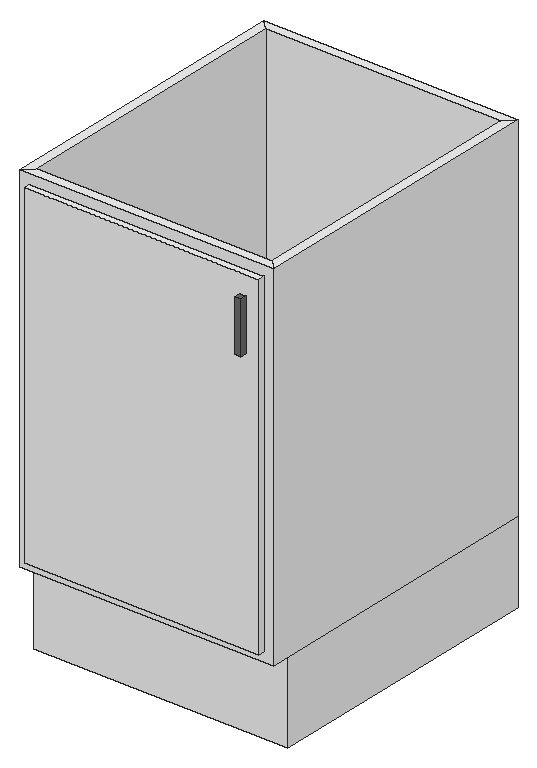
Revit family
Parameters (values of type "500mm")
  Cabinet Material = none
  Depth = 600 mm
  Drawer Material = none
  Handle Material = Cabinets - Handles
  Height = 860 mm
  Plinth Depth = 35 mm
  Plinth Height = 160 mm
  Width = 500 mm
Types (3, lengths in mm): name | Width
  (no name) | 500
  300mm | 300
  500mm | 500
Reference planes
  plane 1 "Back": y = 0
  plane 2: z = 0
  plane 3 "Center": x = 18.738
  plane 4 "Left": x = -231.262
  plane 5 "Right": x = 268.738
  plane 6 "Front": y = -600
  plane 7 "Top": z = 860
  plane 8: y = -565
  plane 9: z = 160
  plane 10: z = 840.95
  plane 11: z = 179.05
  plane 12: x = -212.212
  plane 13: x = 249.688
  plane 14: z = 802.85
  plane 15: z = 701.25
  plane 16: x = 224.288
  plane 17: x = 211.588
  plane 18: z = 510
Forms (mm)
  Extrusion 1, solid, material <- "Cabinet Material"
    sketch origin (0, 0, 0) x (1, 0, 0) y (0, 1, 0)
      loop
        line (-231.262, 0) -> (-231.262, -565) -> (268.738, -565) -> (268.738, 0) -> (-231.262, 0)
    from 0 to 160
  Sweep 2, solid, material <- "Cabinet Material"
    path origin (0, 0, 0) x (1, 0, 0) y (0, 1, 0)
      loop
        line (268.738, 0) -> (-231.262, 0) -> (-231.262, -600) -> (268.738, -600) -> (268.738, 0)
    profile origin (0, -300, 0) x (1, 0, 0) y (0, 0, 1)
      loop
        line (268.738, 160) -> (268.738, 860) -> (249.688, 860) -> (249.688, 160) -> (268.738, 160)
  Extrusion 3, solid, material "Cabinets"
    sketch origin (0, 0, 0) x (1, 0, 0) y (0, 1, 0)
      loop
        line (-212.212, -19.05) -> (-212.212, -580.95) -> (249.688, -580.95) -> (249.688, -19.05) -> (-212.212, -19.05)
    from 179.05 to 160
  Extrusion 4, solid, material <- "Drawer Material"
    sketch origin (0, -600, 0) x (1, 0, 0) y (0, 0, 1)
      loop
        line (-212.212, 840.95) -> (-212.212, 179.05) -> (249.688, 179.05) -> (249.688, 840.95) -> (-212.212, 840.95)
    from 0 to 12.7
  Extrusion 5, solid, material "Cabinets - Handles" <- "Handle Material"
    sketch origin (0, -600, 0) x (1, 0, 0) y (0, 0, 1)
      loop
        line (211.588, 802.85) -> (211.588, 701.25) -> (224.288, 701.25) -> (224.288, 802.85) -> (211.588, 802.85)
    from 12.7 to 25.4
Lines and regions (mm)
  symbolic lines, style "Plan Rep - Below"
    curve 1: line (268.738, -600, 0) -> (-231.262, -600, 0)
    curve 2: line (268.738, 0, 0) -> (268.738, -600, 0)
    curve 3: line (-231.262, 0, 0) -> (268.738, 0, 0)
    curve 4: line (-231.262, -600, 0) -> (-231.262, 0, 0)
  model lines
    curve 5: line (-212.212, -600, 840.95) -> (249.688, -600, 840.95)
    curve 6: line (249.688, -600, 179.05) -> (-212.212, -600, 179.05)
    curve 7: line (249.688, -600, 840.95) -> (249.688, -600, 179.05)
    curve 8: line (-212.212, -600, 179.05) -> (-212.212, -600, 840.95)
    curve 9: line (211.588, -600, 802.85) -> (224.288, -600, 802.85)
    curve 10: line (211.588, -600, 701.25) -> (211.588, -600, 802.85)
    curve 11: line (224.288, -600, 701.25) -> (211.588, -600, 701.25)
    curve 12: line (224.288, -600, 802.85) -> (224.288, -600, 701.25)
  symbolic lines, style "Elevation Swing"
    curve 13: line (249.688, 0, 840.95) -> (-212.212, 0, 510)
    curve 14: line (-212.212, 0, 510) -> (249.688, 0, 179.05)
Dimensions and locks
  "Depth": plane 6 "Front" to plane 1 "Back"
  "Width": plane 4 "Left" to plane 5 "Right"
  equal spacing: plane 4 "Left", plane 3 "Center", plane 5 "Right"
  "Height": level to plane 7 "Top"
  "Plinth Height": plane 2 to plane 9
  "Plinth Depth": plane 6 "Front" to plane 8
  locked: plane 4 "Left" to plane 12 at 19.05
  locked: plane 13 to plane 5 "Right" at 19.05
  locked: plane 7 "Top" to plane 10 at 19.05
  locked: plane 11 to plane 9 at 19.05
  locked: plane 14 to plane 15 at 101.6
  plane 17 to plane 16 to plane 13 = 12.7 mm locked, 25.4 mm locked
  plane 10 to plane 14 = 38.1 mm
  equal spacing: plane 10, plane 18, plane 11
  aligned and locked: plane 1 "Back" to Extrusion 1 sketch curve
  aligned and locked: Extrusion 1 sketch curve to plane 5 "Right"
  aligned and locked: Extrusion 1 sketch curve to plane 8
  aligned and locked: plane 4 "Left" to Extrusion 1 sketch curve
  aligned and locked: Extrusion 1 to level
  aligned and locked: Sweep 2 sketch curve to plane 6 "Front"
  aligned and locked: plane 1 "Back" to Sweep 2 sketch curve
  aligned and locked: Sweep 2 sketch curve to plane 5 "Right"  (x2)
  aligned and locked: plane 4 "Left" to Sweep 2 sketch curve
  aligned and locked: plane 7 "Top" to Sweep 2 sketch curve
  aligned and locked: Sweep 2 sketch curve to plane 9
  aligned and locked: Sweep 2 to Extrusion 3 sketch curve  (x2)
  aligned and locked: Extrusion 3 sketch curve to Sweep 2  (x2)
  aligned and locked: plane 11 to Extrusion 3
  aligned and locked: plane 9 to Extrusion 3
  aligned and locked: Extrusion 1 to plane 9
Automatic sketch dimensions
  profile plane to Sweep 2 sketch curve = 19.05 mm
  curve 1 to plane 4 "Left" = 0 mm
  curve 3 to plane 1 "Back" = 0 mm
  curve 3 to plane 5 "Right" = 0 mm
  curve 1 to plane 6 "Front" = 0 mm
  Extrusion 4 sketch curve to plane 11 = 0 mm
  Extrusion 4 sketch curve to plane 12 = 0 mm
  Extrusion 4 sketch curve to plane 13 = 0 mm
  Extrusion 4 sketch curve to plane 10 = 0 mm
  Extrusion 5 sketch curve to plane 15 = 0 mm
  Extrusion 5 sketch curve to plane 17 = 0 mm
  Extrusion 5 sketch curve to plane 16 = 0 mm
  Extrusion 5 sketch curve to plane 14 = 0 mm
  curve 13 to plane 10 = 0 mm
  curve 13 to plane 13 = 0 mm
  curve 5 to plane 10 = 0 mm
  curve 5 to plane 13 = 0 mm
  curve 14 to plane 11 = 0 mm
  curve 14 to plane 13 = 0 mm
  curve 12 to plane 15 = 0 mm
  curve 12 to plane 16 = 0 mm
  curve 10 to plane 14 = 0 mm
  curve 10 to plane 17 = 0 mm
  curve 8 to plane 12 = 0 mm
  curve 14 to plane 12 = 0 mm
  curve 13 to plane 18 = 0 mm
  curve 6 to plane 11 = 0 mm
